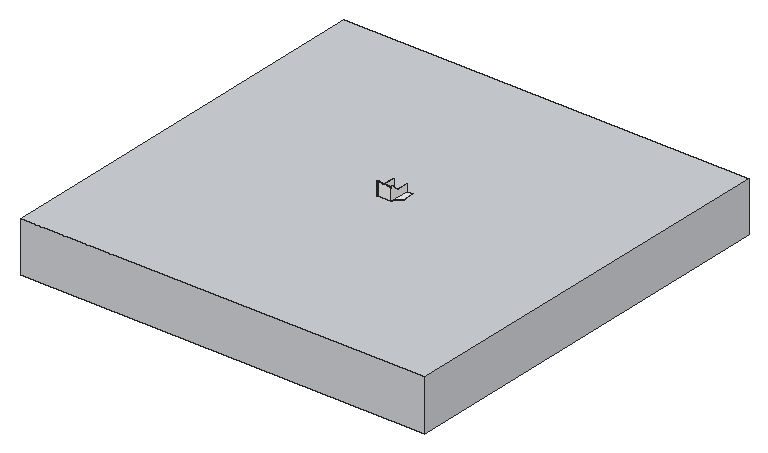
Revit family "JOMA_Balksko kombi_Grundform 320", category Structural Connections, host Face, Revit 2012
Parameters (values of type "5280120  80x120")
  Y = 71 mm
  X = 38 mm
  Vikt = "0,37"
  Typ = "GRUNDFORM 320"
  Spikmönster 2 [instance] = no
  Spikmönster 1 [instance] = no
  Spik/skruv i sekundär [instance] = "ANKARSPIK 4,0x40"
  Spik/skruv i primär [instance] = "ANKARSPIK 4,0x50"
  Material = Varmförzinkad stålplåt
  Länk Joma Dimensioneringsverktyg = "http://www.joma.se/dimensioneringsverktyg"
  Grundform 320 = yes
  F = 78 mm
  E = 42 mm
  Default Elevation = 1219.2 mm
  D = 40 mm
  Bultplacering 2 [instance] = no
  Bultplacering 1 [instance] = no
  Bult [instance] = "BULT M10"
  B = 120 mm
  Antal spik/skruv i sekundär [instance] = if(and(Spikmönster 1, Grundform 320), 5, if(and(Spikmönster 2, Grundform 320), 3, if(and(Bultplacering 1, Grundform 320), 5, 0)))  # 0
  Antal spik/skruv i primär [instance] = if(and(Spikmönster 1, Grundform 320), 8, if(and(Spikmönster 2, Grundform 320), 5, if(and(Bultplacering 1, Grundform 320), 1, 0)))  # 0
  A = 80 mm
  320 Spikmönster 2 [instance] = and(Grundform 320, Spikmönster 2, not(or(Spikmönster 1, Bultplacering 1, Bultplacering 2)))  # no
  320 Spikmönster 1 [instance] = and(Grundform 320, Spikmönster 1, not(or(Spikmönster 2, Bultplacering 1, Bultplacering 2)))  # no
  320 Bultplacering 1 [instance] = and(Grundform 320, Bultplacering 1, not(or(Spikmönster 1, Spikmönster 2, Bultplacering 2)))  # no
Types (8, lengths in mm): name | Vikt | B | A
  5245137  45x137 | "0,37" | 137 | 45
  5251135  51x135 | "0,37" | 135 | 51
  5260130  60x130 | "0,37" | 130 | 60
  5270125  70x125 | "0,37" | 125 | 70
  5276120  76x120 | "0,37" | 122 | 76
  5280120  80x120 | "0,37" | 120 | 80
  5236142  36x142 | "0,38" | 142 | 36
  5248136  48x136 | "0,37" | 136 | 48
Reference planes
  plane 1 "Center (Front/Back)": y = 0
  plane 2: z = 0
  plane 3 "Center (Left/Right)": x = 0
  plane 4: x = -40
  plane 5: x = 40
  plane 6: y = -2
  plane 7: x = -42
  plane 8: x = 42
  plane 9: y = 118
  plane 10: z = 2
  plane 11: z = 80
  plane 12: y = 9
  plane 13: y = 47
  plane 14: x = 80
  plane 15: x = -80
  plane 16: z = 42
Forms (mm)
  Extrusion 1, solid
    sketch origin (0, 0, 0) x (1, 0, 0) y (0, 1, 0)
      loop
        line (-1219.2, 1219.2) -> (-1219.2, -1219.2) -> (1219.2, -1219.2) -> (1219.2, 1219.2) -> (-1219.2, 1219.2)
    from 0 to -304.8
  Extrusion 2, solid, material "Varmförzinkad stålplåt" <- "Material"
    sketch origin (0, 0, 0) x (1, 0, 0) y (0, 1, 0)
      loop
        line (-40, 118) -> (-42, 118) -> (-42, 0)
        arc (-42, 0) -> (-41.414, -1.414) -> (-40, -2) r 2
        line (-40, -2) -> (40.004, -2)
        arc (40.004, -2) -> (41.415, -1.415) -> (42, -0.004) r 1.996
        line (42, -0.004) -> (42, 118) -> (40, 118) -> (40, 0) -> (-40, 0) -> (-40, 118)
    from 2 to 80
  Extrusion 3, solid, material "Varmförzinkad stålplåt" <- "Material"
    sketch origin (0, 0, 0) x (1, 0, 0) y (0, 1, 0)
      loop
        line (40, 118) -> (40, 9) -> (80, 9) -> (80, 118) -> (40, 118)
    from 0 to 2
  Extrusion 4, void
    sketch origin (0, 0, 0) x (1, 0, 0) y (0, 1, 0)
      loop
        line (42, 9) -> (80, 9) -> (80, 47) -> (42, 9)
    from 0 to 2
  Extrusion 5, solid, material "Varmförzinkad stålplåt" <- "Material"
    sketch origin (0, 0, 0) x (-1, 0, 0) y (0, -1, 0)
      loop
        line (40, -118) -> (80, -118) -> (80, -9) -> (40, -9) -> (40, -118)
    from 0 to 2
  Extrusion 6, void
    sketch origin (0, 0, 0) x (1, 0, 0) y (0, 1, 0)
      loop
        line (-42, 9) -> (-80, 47) -> (-80, 9) -> (-42, 9)
    from 0 to 250
  Extrusion 7, void
    sketch origin (0, 0, 0) x (0, 1, 0) y (0, 0, 1)
      loop
        line (118, 80) -> (9, 80) -> (47, 42) -> (118, 42) -> (118, 80)
    from -42 to 42
  Extrusion 8, void
    sketch origin (0, 0, 0) x (1, 0, 0) y (0, 0, 1)
      loop
        arc (42, 0) -> (40.586, 0.586) -> (40, 2) r 2
        line (40, 2) -> (40, 0) -> (42, 0)
    from -118 to -9
  Extrusion 9, void
    sketch origin (0, 0, 0) x (1, 0, 0) y (0, 0, 1)
      loop
        arc (-40, 2) -> (-40.586, 0.586) -> (-42, 0) r 2
        line (-42, 0) -> (-40, 0) -> (-40, 2)
    from -118 to -9
Cuts and joins
  Extrusion 7 cuts Extrusion 2
  Extrusion 4, Extrusion 8 cuts Extrusion 3
  Extrusion 6, Extrusion 9 cuts Extrusion 5
  joined: Extrusion 2, Extrusion 3, Extrusion 5
Lines and regions (mm)
  symbolic lines, visible <- "Grundform 320"
    curve 1: circle (-52, 110.5, 0) r 2.5 normal (0, 0, 1)
    curve 2: circle (-72, 100.5, 0) r 2.5 normal (0, 0, 1)
    curve 3: circle (-52, 90.5, 0) r 2.5 normal (0, 0, 1)
    curve 4: circle (-72, 80.5, 0) r 2.5 normal (0, 0, 1)
    curve 5: circle (-52, 70.5, 0) r 2.5 normal (0, 0, 1)
    curve 6: circle (-72, 60.5, 0) r 2.5 normal (0, 0, 1)
    curve 7: circle (-52, 50.5, 0) r 2.5 normal (0, 0, 1)
    curve 8: circle (-52, 30.5, 0) r 2.5 normal (0, 0, 1)
    curve 9: circle (-60, 100.5, 0) r 5.5 normal (0, 0, 1)
    curve 10: circle (-60, 60.5, 0) r 5.5 normal (0, 0, 1)
    curve 21: circle (0, 100.5, 34) r 2.5 normal (1, 0, 0)
    curve 22: circle (0, 80.5, 34) r 2.5 normal (1, 0, 0)
    curve 23: circle (0, 60.5, 34) r 2.5 normal (1, 0, 0)
    curve 24: circle (0, 40.5, 34) r 2.5 normal (1, 0, 0)
    curve 25: circle (0, 20.5, 34) r 2.5 normal (1, 0, 0)
    curve 31: circle (52, 110.5, 0) r 2.5 normal (0, 0, -1)
    curve 32: circle (72, 100.5, 0) r 2.5 normal (0, 0, -1)
    curve 33: circle (52, 90.5, 0) r 2.5 normal (0, 0, -1)
    curve 34: circle (72, 80.5, 0) r 2.5 normal (0, 0, -1)
    curve 35: circle (52, 70.5, 0) r 2.5 normal (0, 0, -1)
    curve 36: circle (72, 60.5, 0) r 2.5 normal (0, 0, -1)
    curve 37: circle (52, 50.5, 0) r 2.5 normal (0, 0, -1)
    curve 38: circle (52, 30.5, 0) r 2.5 normal (0, 0, -1)
    curve 39: circle (60, 100.5, 0) r 5.5 normal (0, 0, -1)
    curve 40: circle (60, 60.5, 0) r 5.5 normal (0, 0, -1)
  symbolic lines, visible <- "Grundform 320", not visible
    curve 11: circle (-34.5, 127.5, 0) r 2.5 normal (0, 0, 1)
    curve 12: circle (-54.5, 117.5, 0) r 2.5 normal (0, 0, 1)
    curve 13: circle (-34.5, 107.5, 0) r 2.5 normal (0, 0, 1)
    curve 14: circle (-54.5, 97.5, 0) r 2.5 normal (0, 0, 1)
    curve 15: circle (-34.5, 87.5, 0) r 2.5 normal (0, 0, 1)
    curve 16: circle (-54.5, 77.5, 0) r 2.5 normal (0, 0, 1)
    curve 17: circle (-34.5, 67.5, 0) r 2.5 normal (0, 0, 1)
    curve 18: circle (-34.5, 47.5, 0) r 2.5 normal (0, 0, 1)
    curve 19: circle (-42.5, 117.5, 0) r 5.5 normal (0, 0, 1)
    curve 20: circle (-42.5, 77.5, 0) r 5.5 normal (0, 0, 1)
    curve 26: circle (0, 117.5, 34) r 2.5 normal (1, 0, 0)
    curve 27: circle (0, 97.5, 34) r 2.5 normal (1, 0, 0)
    curve 28: circle (0, 77.5, 34) r 2.5 normal (1, 0, 0)
    curve 29: circle (0, 57.5, 34) r 2.5 normal (1, 0, 0)
    curve 30: circle (0, 37.5, 34) r 2.5 normal (1, 0, 0)
    curve 41: circle (1049.5, 127.5, 0) r 2.5 normal (0, 0, -1)
    curve 42: circle (1069.5, 117.5, 0) r 2.5 normal (0, 0, -1)
    curve 43: circle (1049.5, 107.5, 0) r 2.5 normal (0, 0, -1)
    curve 44: circle (1069.5, 97.5, 0) r 2.5 normal (0, 0, -1)
    curve 45: circle (1049.5, 87.5, 0) r 2.5 normal (0, 0, -1)
    curve 46: circle (1069.5, 77.5, 0) r 2.5 normal (0, 0, -1)
    curve 47: circle (1049.5, 67.5, 0) r 2.5 normal (0, 0, -1)
    curve 48: circle (1049.5, 47.5, 0) r 2.5 normal (0, 0, -1)
    curve 49: circle (1057.5, 117.5, 0) r 5.5 normal (0, 0, -1)
    curve 50: circle (1057.5, 77.5, 0) r 5.5 normal (0, 0, -1)
Text (mm)
  text "Primärbalk" at (328.941, 539.253, 0), in view "Ref. Level"
  text "Sekundärbalk" at (0, -172.393, 341.357), in view "Left"
Dimensions and locks
  equal spacing: plane 4, plane 3 "Center (Left/Right)", plane 5
  "A": plane 4 to plane 5
  "B": plane 9 to plane 6
  plane 7 to plane 4 = 2 mm
  plane 5 to plane 8 = 2 mm
  plane 1 "Center (Front/Back)" to plane 6 = 2 mm
  plane 10 to Extrusion 1 = 2 mm
  "F": plane 11 to plane 10
  "Y": plane 9 to plane 13
  "X": plane 12 to plane 13
  "D": plane 5 to plane 14
  "D": plane 15 to plane 4
  "E": plane 16 to Extrusion 1
  locked: plane 9 to curve 1 at 7.5
  locked: plane 15 to curve 2 at 8
  locked: curve 32 to plane 14 at 8
  locked: plane 9 to curve 31 at 7.5
  locked: plane 16 to curve 21 at 8
  locked: plane 9 to curve 21 at 17.5
  aligned and locked: plane 2 to Extrusion 1
  aligned and locked: level to Extrusion 1
  aligned and locked: Extrusion 2 to plane 7
  aligned and locked: plane 9 to Extrusion 2  (x2)
  aligned and locked: plane 8 to Extrusion 2
  aligned and locked: Extrusion 2 to plane 5
  aligned and locked: Extrusion 2 to plane 6
  aligned and locked: Extrusion 2 to plane 1 "Center (Front/Back)"
  aligned and locked: plane 4 to Extrusion 2
  aligned and locked: plane 11 to Extrusion 2
  aligned and locked: Extrusion 2 to Extrusion 7
  aligned and locked: Extrusion 7 to Extrusion 2
  aligned and locked: Extrusion 8 to plane 5
  aligned and locked: Extrusion 8 to level
  aligned and locked: plane 9 to Extrusion 8
  aligned and locked: plane 12 to Extrusion 8
  aligned and locked: Extrusion 5 to Extrusion 6
  aligned and locked: plane 9 to Extrusion 5
  aligned and locked: plane 4 to Extrusion 5
  aligned and locked: plane 12 to Extrusion 5
  aligned and locked: plane 15 to Extrusion 6
  aligned and locked: plane 12 to Extrusion 6
  aligned and locked: plane 4 to Extrusion 9
  aligned and locked: Extrusion 9 to level
  aligned and locked: Extrusion 8 to plane 2
  aligned and locked: plane 9 to Extrusion 9
  aligned and locked: plane 12 to Extrusion 9
Automatic sketch dimensions
  Extrusion 1 sketch curve to Extrusion 1 sketch curve = 2438.4 mm  (x2)
  curve 4 to curve 2 = 0 mm
  curve 6 to curve 4 = 0 mm
  curve 2 to curve 9 = 12 mm
  curve 6 to curve 10 = 12 mm
  curve 10 to curve 7 = 8 mm
  curve 8 to curve 7 = 0 mm
  curve 9 to curve 3 = 8 mm
  curve 9 to curve 1 = 8 mm
  curve 10 to curve 5 = 8 mm
  curve 8 to curve 7 = 20 mm
  curve 7 to curve 6 = 10 mm
  curve 6 to curve 10 = 0 mm
  curve 10 to curve 5 = 10 mm
  curve 6 to curve 4 = 20 mm
  curve 5 to curve 3 = 20 mm
  curve 4 to curve 2 = 20 mm
  curve 2 to curve 9 = 0 mm
  curve 9 to curve 1 = 10 mm
  curve 14 to curve 12 = 0 mm
  curve 16 to curve 14 = 0 mm
  curve 12 to curve 19 = 12 mm
  curve 16 to curve 20 = 12 mm
  curve 20 to curve 17 = 8 mm
  curve 18 to curve 17 = 0 mm
  curve 19 to curve 13 = 8 mm
  curve 19 to curve 11 = 8 mm
  curve 20 to curve 15 = 8 mm
  curve 18 to curve 17 = 20 mm
  curve 17 to curve 16 = 10 mm
  curve 16 to curve 20 = 0 mm
  curve 20 to curve 15 = 10 mm
  curve 16 to curve 14 = 20 mm
  curve 15 to curve 13 = 20 mm
  curve 14 to curve 12 = 20 mm
  curve 12 to curve 19 = 0 mm
  curve 19 to curve 11 = 10 mm
  curve 25 to curve 24 = 20 mm
  curve 24 to curve 23 = 20 mm
  curve 23 to curve 22 = 20 mm
  curve 22 to curve 21 = 20 mm
  curve 23 to curve 22 = 0 mm
  curve 24 to curve 23 = 0 mm
  curve 25 to curve 24 = 0 mm
  curve 22 to curve 21 = 0 mm
  curve 30 to curve 29 = 20 mm
  curve 29 to curve 28 = 20 mm
  curve 28 to curve 27 = 20 mm
  curve 27 to curve 26 = 20 mm
  curve 28 to curve 27 = 0 mm
  curve 29 to curve 28 = 0 mm
  curve 30 to curve 29 = 0 mm
  curve 27 to curve 26 = 0 mm
  curve 34 to curve 32 = 20 mm  (x2)
  curve 36 to curve 34 = 20 mm  (x2)
  curve 32 to curve 39 = 12 mm  (x2)
  curve 36 to curve 40 = 12 mm  (x2)
  curve 40 to curve 37 = 12.806 mm
  curve 38 to curve 37 = 20 mm  (x2)
  curve 39 to curve 33 = 12.806 mm
  curve 39 to curve 31 = 12.806 mm  (x2)
  curve 40 to curve 35 = 12.806 mm  (x2)
  curve 37 to curve 36 = 22.361 mm
  curve 35 to curve 33 = 20 mm
  curve 44 to curve 42 = 20 mm  (x2)
  curve 46 to curve 44 = 20 mm  (x2)
  curve 42 to curve 49 = 12 mm  (x2)
  curve 46 to curve 50 = 12 mm  (x2)
  curve 50 to curve 47 = 12.806 mm
  curve 48 to curve 47 = 20 mm  (x2)
  curve 49 to curve 43 = 12.806 mm
  curve 49 to curve 41 = 12.806 mm  (x2)
  curve 50 to curve 45 = 12.806 mm  (x2)
  curve 47 to curve 46 = 22.361 mm
  curve 45 to curve 43 = 20 mm
  plane 1 "Center (Front/Back)" to Extrusion 2 sketch curve = 0 mm  (x2)
  Extrusion 2 sketch curve to plane 7 = 0 mm
  Extrusion 2 sketch curve to plane 4 = 0 mm  (x2)
  Extrusion 2 sketch curve to plane 5 = 0 mm
  Extrusion 2 sketch curve to plane 8 = 0 mm
  Extrusion 2 sketch curve to plane 9 = 0 mm  (x2)
  plane 5 to Extrusion 2 sketch curve = 0.004 mm
  Extrusion 3 sketch curve to plane 5 = 0 mm
  plane 12 to Extrusion 3 sketch curve = 0 mm
  Extrusion 3 sketch curve to plane 14 = 0 mm
  Extrusion 3 sketch curve to plane 9 = 0 mm
  Extrusion 4 sketch curve to plane 8 = 0 mm
  plane 12 to Extrusion 4 sketch curve = 0 mm
  Extrusion 4 sketch curve to plane 14 = 0 mm
  plane 13 to Extrusion 4 sketch curve = 0 mm
  Extrusion 5 sketch curve to plane 4 = 0 mm
  plane 12 to Extrusion 5 sketch curve = 0 mm
  Extrusion 5 sketch curve to plane 15 = 0 mm
  Extrusion 5 sketch curve to plane 9 = 0 mm
  plane 13 to Extrusion 6 sketch curve = 0 mm
  Extrusion 6 sketch curve to plane 15 = 0 mm
  Extrusion 6 sketch curve to plane 7 = 0 mm
  plane 12 to Extrusion 6 sketch curve = 0 mm
  Extrusion 7 sketch curve to plane 11 = 0 mm
  Extrusion 7 sketch curve to plane 12 = 0 mm
  Extrusion 7 sketch curve to plane 13 = 0 mm
  Extrusion 7 sketch curve to plane 9 = 0 mm
  Extrusion 7 sketch curve to plane 16 = 0 mm
  Extrusion 8 sketch curve to level = 0 mm
  Extrusion 8 sketch curve to plane 5 = 0 mm
  Extrusion 8 sketch curve to plane 8 = 0 mm
  Extrusion 9 sketch curve to plane 7 = 0 mm
  Extrusion 9 sketch curve to level = 0 mm
  Extrusion 9 sketch curve to plane 4 = 0 mm
  radius of curve 1 = 2.5 mm
  radius of curve 2 = 2.5 mm
  radius of curve 3 = 2.5 mm
  radius of curve 4 = 2.5 mm
  radius of curve 5 = 2.5 mm
  radius of curve 6 = 2.5 mm
  radius of curve 7 = 2.5 mm
  radius of curve 8 = 2.5 mm
  radius of curve 9 = 5.5 mm
  radius of curve 10 = 5.5 mm
  radius of curve 11 = 2.5 mm
  radius of curve 12 = 2.5 mm
  radius of curve 13 = 2.5 mm
  radius of curve 14 = 2.5 mm
  radius of curve 15 = 2.5 mm
  radius of curve 16 = 2.5 mm
  radius of curve 17 = 2.5 mm
  radius of curve 18 = 2.5 mm
  radius of curve 19 = 5.5 mm
  radius of curve 20 = 5.5 mm
  radius of curve 21 = 2.5 mm
  radius of curve 22 = 2.5 mm
  radius of curve 23 = 2.5 mm
  radius of curve 24 = 2.5 mm
  radius of curve 25 = 2.5 mm
  radius of curve 26 = 2.5 mm
  radius of curve 27 = 2.5 mm
  radius of curve 28 = 2.5 mm
  radius of curve 29 = 2.5 mm
  radius of curve 30 = 2.5 mm
  radius of curve 31 = 2.5 mm
  radius of curve 32 = 2.5 mm
  radius of curve 33 = 2.5 mm
  radius of curve 34 = 2.5 mm
  radius of curve 35 = 2.5 mm
  radius of curve 36 = 2.5 mm
  radius of curve 37 = 2.5 mm
  radius of curve 38 = 2.5 mm
  radius of curve 39 = 5.5 mm
  radius of curve 40 = 5.5 mm
  radius of curve 41 = 2.5 mm
  radius of curve 42 = 2.5 mm
  radius of curve 43 = 2.5 mm
  radius of curve 44 = 2.5 mm
  radius of curve 45 = 2.5 mm
  radius of curve 46 = 2.5 mm
  radius of curve 47 = 2.5 mm
  radius of curve 48 = 2.5 mm
  radius of curve 49 = 5.5 mm
  radius of curve 50 = 5.5 mm
Nested families
  nested 1: "Spikmönster" at (-72, 100.5, 0), visible <- "320 Spikmönster 1", type "Ø5"
  nested 2: "Spikmönster" at (-72, 80.5, 0), visible <- "320 Spikmönster 1", type "Ø5"
  nested 3: "Spikmönster" at (-72, 60.5, 0), visible <- "320 Spikmönster 1", type "Ø5"
  nested 4: "Spikmönster" at (-52, 110.5, 0), visible <- "320 Spikmönster 1", type "Ø5"
  nested 5: "Spikmönster" at (-52, 90.5, 0), visible <- "320 Spikmönster 1", type "Ø5"
  nested 6: "Spikmönster" at (-52, 70.5, 0), visible <- "320 Spikmönster 1", type "Ø5"
  nested 7: "Spikmönster" at (-52, 50.5, 0), visible <- "320 Spikmönster 1", type "Ø5"
  nested 8: "Spikmönster" at (-52, 30.5, 0), visible <- "320 Spikmönster 1", type "Ø5"
  nested 9: "Spikmönster" at (-52, 110.5, 0), visible <- "320 Spikmönster 2", type "Ø5"
  nested 10: "Spikmönster" at (-52, 90.5, 0), visible <- "320 Spikmönster 2", type "Ø5"
  nested 11: "Spikmönster" at (-52, 70.5, 0), visible <- "320 Spikmönster 2", type "Ø5"
  nested 12: "Spikmönster" at (-52, 50.5, 0), visible <- "320 Spikmönster 2", type "Ø5"
  nested 13: "Spikmönster" at (-52, 30.5, 0), visible <- "320 Spikmönster 2", type "Ø5"
  nested 14: "Spikmönster" at (-60, 100.5, 0), visible <- "320 Bultplacering 1", type "Ø11"
  nested 15: "Spikmönster" at (-54.5, 117.5, 0), visible <- "320 Spikmönster 1", type "Ø5", not visible
  nested 16: "Spikmönster" at (-54.5, 97.5, 0), visible <- "320 Spikmönster 1", type "Ø5", not visible
  nested 17: "Spikmönster" at (-54.5, 77.5, 0), visible <- "320 Spikmönster 1", type "Ø5", not visible
  nested 18: "Spikmönster" at (-34.5, 127.5, 0), visible <- "320 Spikmönster 1", type "Ø5", not visible
  nested 19: "Spikmönster" at (-34.5, 107.5, 0), visible <- "320 Spikmönster 1", type "Ø5", not visible
  nested 20: "Spikmönster" at (-34.5, 87.5, 0), visible <- "320 Spikmönster 1", type "Ø5", not visible
  nested 21: "Spikmönster" at (-34.5, 67.5, 0), visible <- "320 Spikmönster 1", type "Ø5", not visible
  nested 22: "Spikmönster" at (-34.5, 47.5, 0), visible <- "320 Spikmönster 1", type "Ø5", not visible
  nested 23: "Spikmönster" at (-34.5, 127.5, 0), visible <- "320 Spikmönster 2", type "Ø5", not visible
  nested 24: "Spikmönster" at (-34.5, 107.5, 0), visible <- "320 Spikmönster 2", type "Ø5", not visible
  nested 25: "Spikmönster" at (-34.5, 87.5, 0), visible <- "320 Spikmönster 2", type "Ø5", not visible
  nested 26: "Spikmönster" at (-34.5, 67.5, 0), visible <- "320 Spikmönster 2", type "Ø5", not visible
  nested 27: "Spikmönster" at (-34.5, 47.5, 0), visible <- "320 Spikmönster 2", type "Ø5", not visible
  nested 28: "Spikmönster" at (-42.5, 117.5, 0), visible <- "320 Bultplacering 1", type "Ø11", not visible
  nested 29: "Spikmönster" at (72, 100.5, 0), visible <- "320 Spikmönster 1", type "Ø5"
  nested 30: "Spikmönster" at (72, 80.5, 0), visible <- "320 Spikmönster 1", type "Ø5"
  nested 31: "Spikmönster" at (72, 60.5, 0), visible <- "320 Spikmönster 1", type "Ø5"
  nested 32: "Spikmönster" at (52, 110.5, 0), visible <- "320 Spikmönster 1", type "Ø5"
  nested 33: "Spikmönster" at (52, 90.5, 0), visible <- "320 Spikmönster 1", type "Ø5"
  nested 34: "Spikmönster" at (52, 70.5, 0), visible <- "320 Spikmönster 1", type "Ø5"
  nested 35: "Spikmönster" at (52, 50.5, 0), visible <- "320 Spikmönster 1", type "Ø5"
  nested 36: "Spikmönster" at (52, 30.5, 0), visible <- "320 Spikmönster 1", type "Ø5"
  nested 37: "Spikmönster" at (52, 110.5, 0), visible <- "320 Spikmönster 2", type "Ø5"
  nested 38: "Spikmönster" at (52, 90.5, 0), visible <- "320 Spikmönster 2", type "Ø5"
  nested 39: "Spikmönster" at (52, 70.5, 0), visible <- "320 Spikmönster 2", type "Ø5"
  nested 40: "Spikmönster" at (52, 50.5, 0), visible <- "320 Spikmönster 2", type "Ø5"
  nested 41: "Spikmönster" at (52, 30.5, 0), visible <- "320 Spikmönster 2", type "Ø5"
  nested 42: "Spikmönster" at (60, 100.5, 0), visible <- "320 Bultplacering 1", type "Ø11"
  nested 43: "Spikmönster" at (1069.5, 117.5, 0), visible <- "320 Spikmönster 1", type "Ø5", not visible
  nested 44: "Spikmönster" at (1069.5, 97.5, 0), visible <- "320 Spikmönster 1", type "Ø5", not visible
  nested 45: "Spikmönster" at (1069.5, 77.5, 0), visible <- "320 Spikmönster 1", type "Ø5", not visible
  nested 46: "Spikmönster" at (1049.5, 127.5, 0), visible <- "320 Spikmönster 1", type "Ø5", not visible
  nested 47: "Spikmönster" at (1049.5, 107.5, 0), visible <- "320 Spikmönster 1", type "Ø5", not visible
  nested 48: "Spikmönster" at (1049.5, 87.5, 0), visible <- "320 Spikmönster 1", type "Ø5", not visible
  nested 49: "Spikmönster" at (1049.5, 67.5, 0), visible <- "320 Spikmönster 1", type "Ø5", not visible
  nested 50: "Spikmönster" at (1049.5, 47.5, 0), visible <- "320 Spikmönster 1", type "Ø5", not visible
  nested 51: "Spikmönster" at (1049.5, 127.5, 0), visible <- "320 Spikmönster 2", type "Ø5", not visible
  nested 52: "Spikmönster" at (1049.5, 107.5, 0), visible <- "320 Spikmönster 2", type "Ø5", not visible
  nested 53: "Spikmönster" at (1049.5, 87.5, 0), visible <- "320 Spikmönster 2", type "Ø5", not visible
  nested 54: "Spikmönster" at (1049.5, 67.5, 0), visible <- "320 Spikmönster 2", type "Ø5", not visible
  nested 55: "Spikmönster" at (1049.5, 47.5, 0), visible <- "320 Spikmönster 2", type "Ø5", not visible
  nested 56: "Spikmönster" at (1057.5, 117.5, 0), visible <- "320 Bultplacering 1", type "Ø11", not visible
  nested 57: "Spikmönster" at (0, 100.5, 34) x (0, -1, 0) z (1, 0, 0), visible <- "320 Spikmönster 1", type "Ø5"
  nested 58: "Spikmönster" at (0, 80.5, 34) x (0, -1, 0) z (1, 0, 0), visible <- "320 Spikmönster 1", type "Ø5"
  nested 59: "Spikmönster" at (0, 60.5, 34) x (0, -1, 0) z (1, 0, 0), visible <- "320 Spikmönster 1", type "Ø5"
  nested 60: "Spikmönster" at (0, 40.5, 34) x (0, -1, 0) z (1, 0, 0), visible <- "320 Spikmönster 1", type "Ø5"
  nested 61: "Spikmönster" at (0, 20.5, 34) x (0, -1, 0) z (1, 0, 0), visible <- "320 Spikmönster 1", type "Ø5"
  nested 62: "Spikmönster" at (0, 100.5, 34) x (0, -1, 0) z (1, 0, 0), visible <- "320 Spikmönster 2", type "Ø5"
  nested 63: "Spikmönster" at (0, 60.5, 34) x (0, -1, 0) z (1, 0, 0), visible <- "320 Spikmönster 2", type "Ø5"
  nested 64: "Spikmönster" at (0, 20.5, 34) x (0, -1, 0) z (1, 0, 0), visible <- "320 Spikmönster 2", type "Ø5"
  nested 65: "Spikmönster" at (0, 100.5, 34) x (0, -1, 0) z (1, 0, 0), visible <- "320 Bultplacering 1", type "Ø5"
  nested 66: "Spikmönster" at (0, 80.5, 34) x (0, -1, 0) z (1, 0, 0), visible <- "320 Bultplacering 1", type "Ø5"
  nested 67: "Spikmönster" at (0, 60.5, 34) x (0, -1, 0) z (1, 0, 0), visible <- "320 Bultplacering 1", type "Ø5"
  nested 68: "Spikmönster" at (0, 40.5, 34) x (0, -1, 0) z (1, 0, 0), visible <- "320 Bultplacering 1", type "Ø5"
  nested 69: "Spikmönster" at (0, 20.5, 34) x (0, -1, 0) z (1, 0, 0), visible <- "320 Bultplacering 1", type "Ø5"
  nested 70: "Spikmönster" at (0, 117.5, 34) x (0, -1, 0) z (1, 0, 0), visible <- "320 Spikmönster 1", type "Ø5", not visible
  nested 71: "Spikmönster" at (0, 97.5, 34) x (0, -1, 0) z (1, 0, 0), visible <- "320 Spikmönster 1", type "Ø5", not visible
  nested 72: "Spikmönster" at (0, 77.5, 34) x (0, -1, 0) z (1, 0, 0), visible <- "320 Spikmönster 1", type "Ø5", not visible
  nested 73: "Spikmönster" at (0, 57.5, 34) x (0, -1, 0) z (1, 0, 0), visible <- "320 Spikmönster 1", type "Ø5", not visible
  nested 74: "Spikmönster" at (0, 37.5, 34) x (0, -1, 0) z (1, 0, 0), visible <- "320 Spikmönster 1", type "Ø5", not visible
  nested 75: "Spikmönster" at (0, 117.5, 34) x (0, -1, 0) z (1, 0, 0), visible <- "320 Spikmönster 2", type "Ø5", not visible
  nested 76: "Spikmönster" at (0, 77.5, 34) x (0, -1, 0) z (1, 0, 0), visible <- "320 Spikmönster 2", type "Ø5", not visible
  nested 77: "Spikmönster" at (0, 37.5, 34) x (0, -1, 0) z (1, 0, 0), visible <- "320 Spikmönster 2", type "Ø5", not visible
  nested 78: "Spikmönster" at (0, 117.5, 34) x (0, -1, 0) z (1, 0, 0), visible <- "320 Bultplacering 1", type "Ø5", not visible
  nested 79: "Spikmönster" at (0, 97.5, 34) x (0, -1, 0) z (1, 0, 0), visible <- "320 Bultplacering 1", type "Ø5", not visible
  nested 80: "Spikmönster" at (0, 77.5, 34) x (0, -1, 0) z (1, 0, 0), visible <- "320 Bultplacering 1", type "Ø5", not visible
  nested 81: "Spikmönster" at (0, 57.5, 34) x (0, -1, 0) z (1, 0, 0), visible <- "320 Bultplacering 1", type "Ø5", not visible
  nested 82: "Spikmönster" at (0, 37.5, 34) x (0, -1, 0) z (1, 0, 0), visible <- "320 Bultplacering 1", type "Ø5", not visible
Definition of nested family "Spikmönster"
  Parameters (values of type "Ø11")
    Radie = 5.5 mm
  Types (3, lengths in mm): name | Radie
    (no name) | 5.5
    Ø5 | 2.5
    Ø11 | 5.5
  Reference planes
    plane 1 "Center (Front/Back)": y = 0
    plane 2: z = 0
    plane 3 "Center (Left/Right)": x = 0
  Lines and regions (mm)
    Filled region 1, type "Solid Fill - Black", in view "Ref. Level"
      outline origin (0, 0, 0) x (1, 0, 0) y (0, 1, 0)
        loop
          circle (0, 0) r 5.5
  Dimensions and locks
    "Radie": radius of Filled region 1 sketch curve
  Automatic sketch dimensions
    plane 1 "Center (Front/Back)" to Filled region 1 sketch curve = 0 mm
    Filled region 1 sketch curve to plane 3 "Center (Left/Right)" = 0 mm
